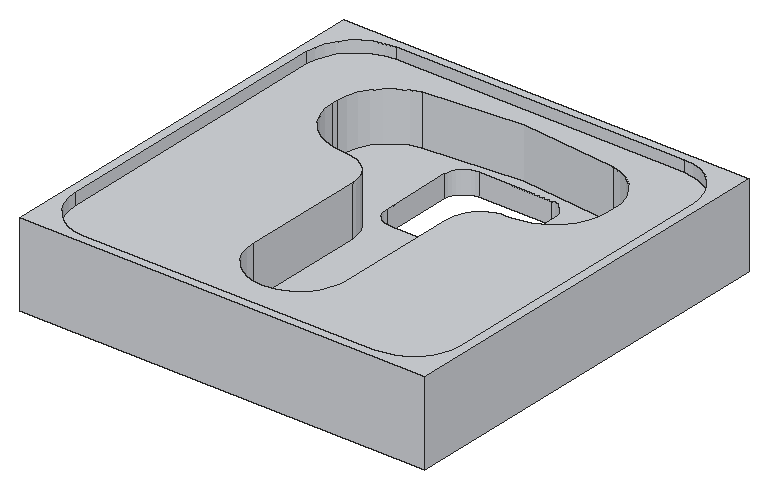
Revit family "PRD_FrankeWS_MountingSupportForSquatPan_ZCMPX004", category Plumbing Fixtures, Revit 2018
Family settings
  Round Connector Dimension = Use Diameter
  Part Type = Normal
  OmniClass Number = 23.45.05.14.99
  OmniClass Title = Other Sanitary Washing Plumbing Fixtures
  Work Plane-Based = No
  Always vertical = Yes
  Cut with Voids When Loaded = No
  Shared = Yes
  Room Calculation Point = No
Parameters (values of type "ZCMPX004")
  WarrantyStartDate [instance] = "1900-12-31T23:59:59"
  WarrantyGuarantorParts = "n/a"
  WarrantyGuarantorLabor = "n/a"
  WarrantyDurationUnit = "year"
  WarrantyDurationParts = "n/a"
  WarrantyDurationLabor = "n/a"
  WarrantyDescription = "n/a"
  Version = "1"
  Uniclass2015Version = "Products v1.7"
  Uniclass2015Title = "Leg supports"
  Uniclass2015Code = "Pr_20_85_47_47"
  URL = "www.kwc.com"
  TagNumber [instance] = "n/a"
  SustainabilityPerformance = "n/a"
  Size = "730 x 150 x730 mm"
  Shape = "n/a"
  SerialNumber [instance] = "n/a"
  Revision = "n/a"
  ReplacementCost = "n/a"
  Reference = "n/a"
  ProductInformation = "https://pim.kwc.com/product/2000102731/attachment/datasheet?locale=en"
  NominalWidth = 730 mm
  NominalLength = 730 mm
  NominalHeight = 150 mm
  NetWeight = 2.20 kg
  Name = "Mounting support for squat pan"
  NBSTypeID = "n/a"
  NBSReference = "45-70-45/345"
  NBSOfficeMasterTag = "n/a"
  NBSNote = "n/a"
  NBSDescription = "Leg supports"
  NBSCertification = "n/a"
  MountingSupportMaterial = none
  ModelReference = "ZCMPX004"
  ModelNumber = "2000102731"
  Model = ModelReference  # "ZCMPX004"
  Material = "n/a"
  ManufacturerURL = "www.kwc.com"
  ManufacturerName = "KWC Group AG"  # constant formula
  Manufacturer = ManufacturerName  # "KWC Group AG"
  InstallationDate [instance] = "1900-12-31T23:59:59"
  IfcExportType = "NOTDEFINED"
  IfcExportAs = "IfcBuildingElementProxy"
  GrossWeight = 2.50 kg
  Grade = "n/a"
  FinishAsDelivered = "n/a"
  Finish = "n/a"
  Features = "n/a"
  ExpectedLife = "n/a"
  DurationUnit = "year"
  DimensionsSection = "n/a"
  DimensionsHeight = "150 mm"
  Description = "Mounting support for squat pan, made of polystyrene with wall connection elements and fastening pins made of plastic and special installation foam for fast fixation on all surfaces."
  Constituents = "n/a"
  Color = "n/a"
  CodePerformance = "n/a"
  Category = "Pr_20_85_47_47, Leg supports"
  BarCode [instance] = "n/a"
  BIMObjectName = "PRD_AR_MountingSupportForSquatPan_ZCMPX004"
  Author = "Archispace"  # constant formula
  AssetType = "Fixed"
  AssetIdentifier [instance] = "n/a"
  Accessories = "n/a"
  AccessibilityPerformance = "n/a"
Reference planes
  plane 1 "Center (Front/Back)": y = 0
  plane 2: z = 0
  plane 3 "Center (Left/Right)": x = 0
Forms (mm)
  Extrusion 1, solid, material <- "MountingSupportMaterial", detail levels medium+fine
    sketch origin (0, 0, 0) x (1, 0, 0) y (0, 1, 0)
      loop
        line (365, 365) -> (-365, 365) -> (-365, -365) -> (365, -365) -> (365, 365)
    from 0 to -150
  Extrusion 2, void
    sketch origin (0, 0, 0) x (1, 0, 0) y (0, 1, 0)
      loop
        arc (260, -350) -> (323.64, -323.64) -> (350, -260) r 90
        line (350, -260) -> (350, 260)
        arc (350, 260) -> (323.64, 323.64) -> (260, 350) r 90
        line (260, 350) -> (-260, 350)
        arc (-260, 350) -> (-323.64, 323.64) -> (-350, 260) r 90
        line (-350, 260) -> (-350, -260)
        arc (-350, -260) -> (-323.64, -323.64) -> (-260, -350) r 90
        line (-260, -350) -> (260, -350)
    from 0 to -20
  Extrusion 3, void
    sketch origin (0, 0, 0) x (1, 0, 0) y (0, 1, 0)
      loop
        arc (250, 205.999) -> (227.946, 266.858) -> (172.023, 299.461) r 95
        arc (172.023, 299.461) -> (0, 315) -> (-172.023, 299.462) r 960
        arc (-172.023, 299.462) -> (-227.946, 266.86) -> (-250, 206) r 95
        line (-250, 206) -> (-250, 195)
        arc (-250, 195) -> (-220.711, 124.289) -> (-150, 95) r 100
        line (-150, 95) -> (-145, 95)
        arc (-145, 95) -> (-102.574, 77.426) -> (-85, 35) r 60
        line (-85, 35) -> (-85, -190)
        arc (-85, -190) -> (0, -275) -> (85, -190) r 85
        line (85, -190) -> (85, 35)
        arc (85, 35) -> (102.574, 77.426) -> (145, 95) r 60
        line (145, 95) -> (150, 95)
        arc (150, 95) -> (220.711, 124.289) -> (250, 195) r 100
        line (250, 195) -> (250, 205.999)
    from 0 to -110
  Extrusion 4, void
    sketch origin (0, 0, 0) x (1, 0, 0) y (0, 1, 0)
      loop
        arc (65, 95) -> (89.749, 105.251) -> (100, 130) r 35
        line (100, 130) -> (100, 260)
        arc (100, 260) -> (89.749, 284.749) -> (65, 295) r 35
        line (65, 295) -> (-65, 295)
        arc (-65, 295) -> (-89.749, 284.749) -> (-100, 260) r 35
        line (-100, 260) -> (-100, 130)
        arc (-100, 130) -> (-89.749, 105.251) -> (-65, 95) r 35
        line (-65, 95) -> (65, 95)
    from 0 to -150
  Extrusion 5, solid, material <- "MountingSupportMaterial", detail levels coarse
    sketch origin (0, 0, 0) x (1, 0, 0) y (0, 1, 0)
      loop
        line (-365, -365) -> (365, -365) -> (365, 365) -> (-365, 365) -> (-365, -365)
    from 0 to -150
Cuts and joins
  Extrusion 2, Extrusion 3, Extrusion 4 cuts Extrusion 1
Dimensions and locks
  aligned and locked: level to plane 2
